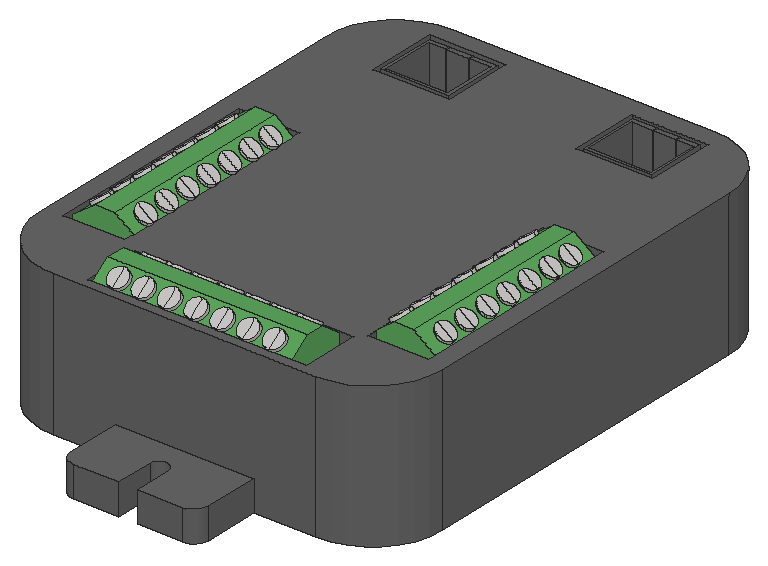
Revit family "PH", category Communication Devices, host Face, Revit 2014
Parameters
  Yellow = Metal-Hubbell-Galvanized_Steel
  Warranty = "5-Years Warranty"  # constant formula
  Type Comments = "PowerHUBB™ Nodes"  # constant formula
  Red = Paint - Hubbell - Red
  Product Page URL = "https://www.hubbell.com/hubbellcontrolsolutions/en/Products/Lighting-Controls/Lighting-Controls-Sensors/PowerHUBB-PoE-Lighting-Control/PowerHUBB-Nodes/p/2649898"
  Product Documentation Link = "https://hubbellcdn.com/specsheet/HCS_PHM4PC_EM_Node_SPEC.pdf"
  URL = "https://www.hubbell.com/hubbellcontrolsolutions/en"
  Model = "PowerHUBB Nodes"  # constant formula
  Manufacturer = "Hubbell Control Solutions"  # constant formula
  Green = Plastic, Gray
  Feartures = "• Replaces standard electronic AC driver in luminaire\r\n• Capable of Tunable White utilizing a 2-channel LED Board\r\n• Programmed for optimized performance of LED\r\n• Bi-directional communication\r\n• Node is discovered immediately by Gateway software\r\n• Low voltage inputs for control devices\r\n• Provides dimming function down to 1%\r\n• Direct connection to PSE device (PoE switch or midspan)\r\n• DHCP-enabled\r\n• Suitable for indoor applications\r\n• Class 2 electrical device\r\n• Plenum Rated\r\n• UL924 listed\r\n• Made in the USA"  # constant formula
  Description = "The Hubbell Control Solutions' (HCS) PowerHUBB nodes provide power distribution architecture and data connectivity to create a fully functioning Power over Ethernet (PoE) lighting control system. The PowerHUBB nodes implement a simplistic solution to controls by replacing the driver component and distributing direct control to the luminaire, achieving optimized power consumption.Programming is performed using the Gateway software, which communicates bi-directionally over a CAT5e/6 Cable that connects directly to the PowerHUBB node. Master Nodes receive data and power from the PoE network switch. These nodes then pass along the power and data downstream to any daisy-chained Satellite node(s). Connected nodes/luminaires are automatically discovered by the Gateway, expediting commissioning and administering immediate feedback. Each Master node is DHCP-enabled and will automatically receive an IP address from the local network to simplify installation and setup."  # constant formula
  Default Elevation = 48.00"
  Copyright = "Copyright © 2021 Hubbell Control Solutions"  # constant formula
  Contact Us = "https://www.hubbell.com/hubbellcontrolsolutions/en/contactUs"
  Housing Material = Paint - Hubbell - Carbon Black
  Certifications = "UL: E48166\r\n2.4GHz Version - FCC: U.S. FCC Part 15.247 Class A: OUR-XBEE / OUR-XBEE PRO, Canada IC: 4214A-XBEE / 4214A-XBEE\r\nPRO, Europe CE: ETSI / ETSI\r\n900MHz Version - FCC: U.S. FCC Part 15.247 Class A: MCQ-XB900HP\r\nUL94V-0 Flame retardant ABS or epoxy molding"
  Assembly Code = "D5090"
Reference planes (in)
  plane 1 "Center (Front/Back)": y = 11.68155
  plane 2: z = 0
  plane 3 "Center (Left/Right)": x = 0
  plane 4: z = 3.72
  plane 5: y = 13.95155
  plane 6: y = 9.41155
  plane 7: x = 1.43
  plane 8: x = -1.43
  plane 9: y = 13.45155
  plane 10: y = 9.91155
Forms (in)
  Extrusion 1, solid, material "Paint - Hubbell - Carbon Black" <- "Housing Material"
    sketch origin (0, 0, 0) x (1, 0, 0) y (0, 1, 0)
      loop
        arc (-0.93, 13.45155) -> (-1.28355, 13.30511) -> (-1.43, 12.95155) r 0.5
        line (-1.43, 12.95155) -> (-1.43, 10.41155)
        arc (-1.43, 10.41155) -> (-1.28355, 10.058) -> (-0.93, 9.91155) r 0.5
        line (-0.93, 9.91155) -> (0.93, 9.91155)
        arc (0.93, 9.91155) -> (1.28355, 10.058) -> (1.43, 10.41155) r 0.5
        line (1.43, 10.41155) -> (1.43, 12.95155)
        arc (1.43, 12.95155) -> (1.28355, 13.30511) -> (0.93, 13.45155) r 0.5
        line (0.93, 13.45155) -> (-0.93, 13.45155)
    from 0 to 1.0217
  Extrusion 2, solid, material "Paint - Hubbell - Carbon Black" <- "Housing Material"
    sketch origin (0, 0, 0) x (1, 0, 0) y (0, 1, 0)
      loop
        line (-0.48744, 9.91155) -> (-0.48744, 9.51155)
        arc (-0.48744, 9.51155) -> (-0.45815, 9.44084) -> (-0.38744, 9.41155) r 0.1
        line (-0.38744, 9.41155) -> (-0.06674, 9.41155) -> (-0.06674, 9.68298)
        arc (-0.06674, 9.68298) -> (0, 9.74971) -> (0.06674, 9.68298) r 0.06674
        line (0.06674, 9.68298) -> (0.06674, 9.41155) -> (0.38744, 9.41155)
        arc (0.38744, 9.41155) -> (0.45815, 9.44084) -> (0.48744, 9.51155) r 0.1
        line (0.48744, 9.51155) -> (0.48744, 9.91155) -> (0, 9.91155) -> (-0.48744, 9.91155)
      loop
        line (-0.48744, 13.45155) -> (0, 13.45155) -> (0.48744, 13.45155) -> (0.48744, 13.85155)
        arc (0.48744, 13.85155) -> (0.45815, 13.92227) -> (0.38744, 13.95155) r 0.1
        line (0.38744, 13.95155) -> (0, 13.95155) -> (-0.38744, 13.95155)
        arc (-0.38744, 13.95155) -> (-0.45815, 13.92227) -> (-0.48744, 13.85155) r 0.1
        line (-0.48744, 13.85155) -> (-0.48744, 13.45155)
      loop
        circle (0, 13.68747) r 0.0716
    from 0 to 0.21861
  Extrusion 3, void
    sketch origin (0, 0, 0) x (1, 0, 0) y (0, 1, 0)
      loop
        line (-0.99162, 13.32111) -> (-0.99162, 12.82111) -> (-0.44568, 12.82111) -> (-0.44568, 13.32111) -> (-0.99162, 13.32111)
      loop
        line (0.99162, 13.32111) -> (0.44568, 13.32111) -> (0.44568, 12.82111) -> (0.99162, 12.82111) -> (0.99162, 13.32111)
      loop
        line (-0.74054, 9.97499) -> (0.81591, 9.97499) -> (0.81591, 10.39517) -> (-0.74054, 10.39517) -> (-0.74054, 9.97499)
      loop
        line (-0.8616, 10.45373) -> (-0.8616, 12.01018) -> (-1.29741, 12.01018) -> (-1.29741, 10.45373) -> (-0.8616, 10.45373)
      loop
        line (0.8616, 10.45373) -> (1.29741, 10.45373) -> (1.29741, 12.01018) -> (0.8616, 12.01018) -> (0.8616, 10.45373)
    from 0.65985 to 1.1405
  Extrusion 4, solid, material "Paint - Hubbell - Carbon Black" <- "Housing Material"
    sketch origin (0, 0, 0) x (1, 0, 0) y (0, 1, 0)
      loop
        line (-0.95936, 12.85224) -> (-0.47836, 12.85224) -> (-0.47836, 13.28464) -> (-0.64935, 13.28464) -> (-0.64935, 13.25097) -> (-0.49836, 13.25097) -> (-0.49836, 12.87224) -> (-0.93936, 12.87224) -> (-0.93936, 13.25097) -> (-0.82122, 13.25097) -> (-0.82122, 13.28464) -> (-0.95936, 13.28464) -> (-0.95936, 12.85224)
      loop
        line (-0.81255, 13.25097) -> (-0.65703, 13.25097) -> (-0.65703, 13.28464) -> (-0.81255, 13.28464) -> (-0.81255, 13.25097)
      loop
        line (0.95936, 12.85224) -> (0.95936, 13.28464) -> (0.82122, 13.28464) -> (0.82122, 13.25097) -> (0.93936, 13.25097) -> (0.93936, 12.87224) -> (0.49836, 12.87224) -> (0.49836, 13.25097) -> (0.64935, 13.25097) -> (0.64935, 13.28464) -> (0.47836, 13.28464) -> (0.47836, 12.85224) -> (0.95936, 12.85224)
      loop
        line (0.81255, 13.25097) -> (0.81255, 13.28464) -> (0.65703, 13.28464) -> (0.65703, 13.25097) -> (0.81255, 13.25097)
    from 0.65985 to 1.0217
  Extrusion 5, solid, material "Plastic, Gray" <- "Green"
    sketch origin (-0.07812, 11.68155, 0.07031) x (1, 0, 0) y (0, 0, 1)
      loop
        line (-0.74665, 0.92346) -> (-0.91652, 1.04687) -> (-1.05107, 1.04687) -> (-1.22094, 0.92346) -> (-1.22094, 0.58954) -> (-0.74665, 0.58954) -> (-0.74665, 0.92346)
    from -0.26745 to 1.15013
  Revolve 6, solid, material "Metal-Hubbell-Galvanized_Steel" <- "Yellow"
    sketch origin (0.00781, 11.80441, -0.04297) x (1, 0, 0) y (0, 0, 1)
      loop
        line (-1.21413, 1.08673) -> (-1.15698, 1.12825) -> (-1.1752, 1.15333) -> (-1.23235, 1.11181) -> (-1.21413, 1.08673)
      axis (-1.21413, 1.08673) -> (-1.23727, 1.11858)
    angle from 0 to 360
  Revolve 7, solid, material "Metal-Hubbell-Galvanized_Steel" <- "Yellow"
    sketch origin (-2.13555, 11.80441, -0.03711) x (-1, 0, 0) y (0, 0, -1)
      loop
        line (-1.21413, -1.08673) -> (-1.23235, -1.11181) -> (-1.1752, -1.15333) -> (-1.15698, -1.12825) -> (-1.21413, -1.08673)
      axis (-1.21413, -1.08673) -> (-1.23727, -1.11858)
    angle from 0 to 360
  Revolve 8, solid, material "Metal-Hubbell-Galvanized_Steel" <- "Yellow"
    sketch origin (0.00781, 11.62877, -0.04297) x (1, 0, 0) y (0, 0, 1)
      loop
        line (-1.21413, 1.08673) -> (-1.15698, 1.12825) -> (-1.1752, 1.15333) -> (-1.23235, 1.11181) -> (-1.21413, 1.08673)
      axis (-1.21413, 1.08673) -> (-1.23727, 1.11858)
    angle from 0 to 360
  Revolve 9, solid, material "Metal-Hubbell-Galvanized_Steel" <- "Yellow"
    sketch origin (-2.13555, 11.62877, -0.03711) x (-1, 0, 0) y (0, 0, -1)
      loop
        line (-1.21413, -1.08673) -> (-1.23235, -1.11181) -> (-1.1752, -1.15333) -> (-1.15698, -1.12825) -> (-1.21413, -1.08673)
      axis (-1.21413, -1.08673) -> (-1.23727, -1.11858)
    angle from 0 to 360
  Revolve 10, solid, material "Metal-Hubbell-Galvanized_Steel" <- "Yellow"
    sketch origin (0.00781, 11.44188, -0.04297) x (1, 0, 0) y (0, 0, 1)
      loop
        line (-1.21413, 1.08673) -> (-1.15698, 1.12825) -> (-1.1752, 1.15333) -> (-1.23235, 1.11181) -> (-1.21413, 1.08673)
      axis (-1.21413, 1.08673) -> (-1.23727, 1.11858)
    angle from 0 to 360
  Revolve 11, solid, material "Metal-Hubbell-Galvanized_Steel" <- "Yellow"
    sketch origin (-2.13555, 11.44188, -0.03711) x (-1, 0, 0) y (0, 0, -1)
      loop
        line (-1.21413, -1.08673) -> (-1.23235, -1.11181) -> (-1.1752, -1.15333) -> (-1.15698, -1.12825) -> (-1.21413, -1.08673)
      axis (-1.21413, -1.08673) -> (-1.23727, -1.11858)
    angle from 0 to 360
  Revolve 12, solid, material "Metal-Hubbell-Galvanized_Steel" <- "Yellow"
    sketch origin (0.00781, 11.25277, -0.04297) x (1, 0, 0) y (0, 0, 1)
      loop
        line (-1.21413, 1.08673) -> (-1.15698, 1.12825) -> (-1.1752, 1.15333) -> (-1.23235, 1.11181) -> (-1.21413, 1.08673)
      axis (-1.21413, 1.08673) -> (-1.23727, 1.11858)
    angle from 0 to 360
  Revolve 13, solid, material "Metal-Hubbell-Galvanized_Steel" <- "Yellow"
    sketch origin (-2.13555, 11.25277, -0.03711) x (-1, 0, 0) y (0, 0, -1)
      loop
        line (-1.21413, -1.08673) -> (-1.23235, -1.11181) -> (-1.1752, -1.15333) -> (-1.15698, -1.12825) -> (-1.21413, -1.08673)
      axis (-1.21413, -1.08673) -> (-1.23727, -1.11858)
    angle from 0 to 360
  Revolve 14, solid, material "Metal-Hubbell-Galvanized_Steel" <- "Yellow"
    sketch origin (0.00781, 11.06811, -0.04297) x (1, 0, 0) y (0, 0, 1)
      loop
        line (-1.21413, 1.08673) -> (-1.15698, 1.12825) -> (-1.1752, 1.15333) -> (-1.23235, 1.11181) -> (-1.21413, 1.08673)
      axis (-1.21413, 1.08673) -> (-1.23727, 1.11858)
    angle from 0 to 360
  Revolve 15, solid, material "Metal-Hubbell-Galvanized_Steel" <- "Yellow"
    sketch origin (-2.13555, 11.06811, -0.03711) x (-1, 0, 0) y (0, 0, -1)
      loop
        line (-1.21413, -1.08673) -> (-1.23235, -1.11181) -> (-1.1752, -1.15333) -> (-1.15698, -1.12825) -> (-1.21413, -1.08673)
      axis (-1.21413, -1.08673) -> (-1.23727, -1.11858)
    angle from 0 to 360
  Revolve 16, solid, material "Metal-Hubbell-Galvanized_Steel" <- "Yellow"
    sketch origin (0.00781, 10.88122, -0.04297) x (1, 0, 0) y (0, 0, 1)
      loop
        line (-1.21413, 1.08673) -> (-1.15698, 1.12825) -> (-1.1752, 1.15333) -> (-1.23235, 1.11181) -> (-1.21413, 1.08673)
      axis (-1.21413, 1.08673) -> (-1.23727, 1.11858)
    angle from 0 to 360
  Revolve 17, solid, material "Metal-Hubbell-Galvanized_Steel" <- "Yellow"
    sketch origin (-2.13555, 10.88122, -0.03711) x (-1, 0, 0) y (0, 0, -1)
      loop
        line (-1.21413, -1.08673) -> (-1.23235, -1.11181) -> (-1.1752, -1.15333) -> (-1.15698, -1.12825) -> (-1.21413, -1.08673)
      axis (-1.21413, -1.08673) -> (-1.23727, -1.11858)
    angle from 0 to 360
  Revolve 18, solid, material "Metal-Hubbell-Galvanized_Steel" <- "Yellow"
    sketch origin (0.00781, 10.69656, -0.04297) x (1, 0, 0) y (0, 0, 1)
      loop
        line (-1.21413, 1.08673) -> (-1.15698, 1.12825) -> (-1.1752, 1.15333) -> (-1.23235, 1.11181) -> (-1.21413, 1.08673)
      axis (-1.21413, 1.08673) -> (-1.23727, 1.11858)
    angle from 0 to 360
  Revolve 19, solid, material "Metal-Hubbell-Galvanized_Steel" <- "Yellow"
    sketch origin (-2.13555, 10.69656, -0.03711) x (-1, 0, 0) y (0, 0, -1)
      loop
        line (-1.21413, -1.08673) -> (-1.23235, -1.11181) -> (-1.1752, -1.15333) -> (-1.15698, -1.12825) -> (-1.21413, -1.08673)
      axis (-1.21413, -1.08673) -> (-1.23727, -1.11858)
    angle from 0 to 360
  Extrusion 20, solid, material "Plastic, Gray" <- "Green"
    sketch origin (0.07813, 11.68155, 0.07031) x (-1, 0, 0) y (0, 0, -1)
      loop
        line (-0.74665, -0.92346) -> (-0.74665, -0.58954) -> (-1.22094, -0.58954) -> (-1.22094, -0.92346) -> (-1.05107, -1.04687) -> (-0.91652, -1.04687) -> (-0.74665, -0.92346)
    from -0.26745 to 1.15013
  Revolve 21, solid, material "Metal-Hubbell-Galvanized_Steel" <- "Yellow"
    sketch origin (-0.00781, 11.80441, -0.04297) x (-1, 0, 0) y (0, 0, -1)
      loop
        line (-1.21413, -1.08673) -> (-1.23235, -1.11181) -> (-1.1752, -1.15333) -> (-1.15698, -1.12825) -> (-1.21413, -1.08673)
      axis (-1.21413, -1.08673) -> (-1.23727, -1.11858)
    angle from 0 to 360
  Revolve 22, solid, material "Metal-Hubbell-Galvanized_Steel" <- "Yellow"
    sketch origin (2.13555, 11.80441, -0.03711) x (1, 0, 0) y (0, 0, 1)
      loop
        line (-1.21413, 1.08673) -> (-1.15698, 1.12825) -> (-1.1752, 1.15333) -> (-1.23235, 1.11181) -> (-1.21413, 1.08673)
      axis (-1.21413, 1.08673) -> (-1.23727, 1.11858)
    angle from 0 to 360
  Revolve 23, solid, material "Metal-Hubbell-Galvanized_Steel" <- "Yellow"
    sketch origin (-0.00781, 11.62877, -0.04297) x (-1, 0, 0) y (0, 0, -1)
      loop
        line (-1.21413, -1.08673) -> (-1.23235, -1.11181) -> (-1.1752, -1.15333) -> (-1.15698, -1.12825) -> (-1.21413, -1.08673)
      axis (-1.21413, -1.08673) -> (-1.23727, -1.11858)
    angle from 0 to 360
  Revolve 24, solid, material "Metal-Hubbell-Galvanized_Steel" <- "Yellow"
    sketch origin (2.13555, 11.62877, -0.03711) x (1, 0, 0) y (0, 0, 1)
      loop
        line (-1.21413, 1.08673) -> (-1.15698, 1.12825) -> (-1.1752, 1.15333) -> (-1.23235, 1.11181) -> (-1.21413, 1.08673)
      axis (-1.21413, 1.08673) -> (-1.23727, 1.11858)
    angle from 0 to 360
  Revolve 25, solid, material "Metal-Hubbell-Galvanized_Steel" <- "Yellow"
    sketch origin (-0.00781, 11.44188, -0.04297) x (-1, 0, 0) y (0, 0, -1)
      loop
        line (-1.21413, -1.08673) -> (-1.23235, -1.11181) -> (-1.1752, -1.15333) -> (-1.15698, -1.12825) -> (-1.21413, -1.08673)
      axis (-1.21413, -1.08673) -> (-1.23727, -1.11858)
    angle from 0 to 360
  Revolve 26, solid, material "Metal-Hubbell-Galvanized_Steel" <- "Yellow"
    sketch origin (2.13555, 11.44188, -0.03711) x (1, 0, 0) y (0, 0, 1)
      loop
        line (-1.21413, 1.08673) -> (-1.15698, 1.12825) -> (-1.1752, 1.15333) -> (-1.23235, 1.11181) -> (-1.21413, 1.08673)
      axis (-1.21413, 1.08673) -> (-1.23727, 1.11858)
    angle from 0 to 360
  Revolve 27, solid, material "Metal-Hubbell-Galvanized_Steel" <- "Yellow"
    sketch origin (-0.00781, 11.25277, -0.04297) x (-1, 0, 0) y (0, 0, -1)
      loop
        line (-1.21413, -1.08673) -> (-1.23235, -1.11181) -> (-1.1752, -1.15333) -> (-1.15698, -1.12825) -> (-1.21413, -1.08673)
      axis (-1.21413, -1.08673) -> (-1.23727, -1.11858)
    angle from 0 to 360
  Revolve 28, solid, material "Metal-Hubbell-Galvanized_Steel" <- "Yellow"
    sketch origin (2.13555, 11.25277, -0.03711) x (1, 0, 0) y (0, 0, 1)
      loop
        line (-1.21413, 1.08673) -> (-1.15698, 1.12825) -> (-1.1752, 1.15333) -> (-1.23235, 1.11181) -> (-1.21413, 1.08673)
      axis (-1.21413, 1.08673) -> (-1.23727, 1.11858)
    angle from 0 to 360
  Revolve 29, solid, material "Metal-Hubbell-Galvanized_Steel" <- "Yellow"
    sketch origin (-0.00781, 11.06811, -0.04297) x (-1, 0, 0) y (0, 0, -1)
      loop
        line (-1.21413, -1.08673) -> (-1.23235, -1.11181) -> (-1.1752, -1.15333) -> (-1.15698, -1.12825) -> (-1.21413, -1.08673)
      axis (-1.21413, -1.08673) -> (-1.23727, -1.11858)
    angle from 0 to 360
  Revolve 30, solid, material "Metal-Hubbell-Galvanized_Steel" <- "Yellow"
    sketch origin (2.13555, 11.06811, -0.03711) x (1, 0, 0) y (0, 0, 1)
      loop
        line (-1.21413, 1.08673) -> (-1.15698, 1.12825) -> (-1.1752, 1.15333) -> (-1.23235, 1.11181) -> (-1.21413, 1.08673)
      axis (-1.21413, 1.08673) -> (-1.23727, 1.11858)
    angle from 0 to 360
  Revolve 31, solid, material "Metal-Hubbell-Galvanized_Steel" <- "Yellow"
    sketch origin (-0.00781, 10.88122, -0.04297) x (-1, 0, 0) y (0, 0, -1)
      loop
        line (-1.21413, -1.08673) -> (-1.23235, -1.11181) -> (-1.1752, -1.15333) -> (-1.15698, -1.12825) -> (-1.21413, -1.08673)
      axis (-1.21413, -1.08673) -> (-1.23727, -1.11858)
    angle from 0 to 360
  Revolve 32, solid, material "Metal-Hubbell-Galvanized_Steel" <- "Yellow"
    sketch origin (2.13555, 10.88122, -0.03711) x (1, 0, 0) y (0, 0, 1)
      loop
        line (-1.21413, 1.08673) -> (-1.15698, 1.12825) -> (-1.1752, 1.15333) -> (-1.23235, 1.11181) -> (-1.21413, 1.08673)
      axis (-1.21413, 1.08673) -> (-1.23727, 1.11858)
    angle from 0 to 360
  Revolve 33, solid, material "Metal-Hubbell-Galvanized_Steel" <- "Yellow"
    sketch origin (-0.00781, 10.69656, -0.04297) x (-1, 0, 0) y (0, 0, -1)
      loop
        line (-1.21413, -1.08673) -> (-1.23235, -1.11181) -> (-1.1752, -1.15333) -> (-1.15698, -1.12825) -> (-1.21413, -1.08673)
      axis (-1.21413, -1.08673) -> (-1.23727, -1.11858)
    angle from 0 to 360
  Revolve 34, solid, material "Metal-Hubbell-Galvanized_Steel" <- "Yellow"
    sketch origin (2.13555, 10.69656, -0.03711) x (1, 0, 0) y (0, 0, 1)
      loop
        line (-1.21413, 1.08673) -> (-1.15698, 1.12825) -> (-1.1752, 1.15333) -> (-1.23235, 1.11181) -> (-1.21413, 1.08673)
      axis (-1.21413, 1.08673) -> (-1.23727, 1.11858)
    angle from 0 to 360
  Extrusion 35, solid, material "Plastic, Gray" <- "Green"
    sketch origin (-0.4416, 9.20152, 0.07031) x (0, -1, 0) y (0, 0, -1)
      loop
        line (-0.74665, -0.92346) -> (-0.74665, -0.58954) -> (-1.22094, -0.58954) -> (-1.22094, -0.92346) -> (-1.05107, -1.04687) -> (-0.91652, -1.04687) -> (-0.74665, -0.92346)
    from -0.26745 to 1.15013
  Revolve 36, solid, material "Metal-Hubbell-Galvanized_Steel" <- "Yellow"
    sketch origin (-0.56445, 9.11558, -0.04297) x (0, -1, 0) y (0, 0, -1)
      loop
        line (-1.21413, -1.08673) -> (-1.23235, -1.11181) -> (-1.1752, -1.15333) -> (-1.15698, -1.12825) -> (-1.21413, -1.08673)
      axis (-1.21413, -1.08673) -> (-1.23727, -1.11858)
    angle from 0 to 360
  Revolve 37, solid, material "Metal-Hubbell-Galvanized_Steel" <- "Yellow"
    sketch origin (-0.56445, 11.25894, -0.03711) x (0, 1, 0) y (0, 0, 1)
      loop
        line (-1.21413, 1.08673) -> (-1.15698, 1.12825) -> (-1.1752, 1.15333) -> (-1.23235, 1.11181) -> (-1.21413, 1.08673)
      axis (-1.21413, 1.08673) -> (-1.23727, 1.11858)
    angle from 0 to 360
  Revolve 38, solid, material "Metal-Hubbell-Galvanized_Steel" <- "Yellow"
    sketch origin (-0.38881, 9.11558, -0.04297) x (0, -1, 0) y (0, 0, -1)
      loop
        line (-1.21413, -1.08673) -> (-1.23235, -1.11181) -> (-1.1752, -1.15333) -> (-1.15698, -1.12825) -> (-1.21413, -1.08673)
      axis (-1.21413, -1.08673) -> (-1.23727, -1.11858)
    angle from 0 to 360
  Revolve 39, solid, material "Metal-Hubbell-Galvanized_Steel" <- "Yellow"
    sketch origin (-0.38881, 11.25894, -0.03711) x (0, 1, 0) y (0, 0, 1)
      loop
        line (-1.21413, 1.08673) -> (-1.15698, 1.12825) -> (-1.1752, 1.15333) -> (-1.23235, 1.11181) -> (-1.21413, 1.08673)
      axis (-1.21413, 1.08673) -> (-1.23727, 1.11858)
    angle from 0 to 360
  Revolve 40, solid, material "Metal-Hubbell-Galvanized_Steel" <- "Yellow"
    sketch origin (-0.20192, 9.11558, -0.04297) x (0, -1, 0) y (0, 0, -1)
      loop
        line (-1.21413, -1.08673) -> (-1.23235, -1.11181) -> (-1.1752, -1.15333) -> (-1.15698, -1.12825) -> (-1.21413, -1.08673)
      axis (-1.21413, -1.08673) -> (-1.23727, -1.11858)
    angle from 0 to 360
  Revolve 41, solid, material "Metal-Hubbell-Galvanized_Steel" <- "Yellow"
    sketch origin (-0.20192, 11.25894, -0.03711) x (0, 1, 0) y (0, 0, 1)
      loop
        line (-1.21413, 1.08673) -> (-1.15698, 1.12825) -> (-1.1752, 1.15333) -> (-1.23235, 1.11181) -> (-1.21413, 1.08673)
      axis (-1.21413, 1.08673) -> (-1.23727, 1.11858)
    angle from 0 to 360
  Revolve 42, solid, material "Metal-Hubbell-Galvanized_Steel" <- "Yellow"
    sketch origin (-0.01281, 9.11558, -0.04297) x (0, -1, 0) y (0, 0, -1)
      loop
        line (-1.21413, -1.08673) -> (-1.23235, -1.11181) -> (-1.1752, -1.15333) -> (-1.15698, -1.12825) -> (-1.21413, -1.08673)
      axis (-1.21413, -1.08673) -> (-1.23727, -1.11858)
    angle from 0 to 360
  Revolve 43, solid, material "Metal-Hubbell-Galvanized_Steel" <- "Yellow"
    sketch origin (-0.01281, 11.25894, -0.03711) x (0, 1, 0) y (0, 0, 1)
      loop
        line (-1.21413, 1.08673) -> (-1.15698, 1.12825) -> (-1.1752, 1.15333) -> (-1.23235, 1.11181) -> (-1.21413, 1.08673)
      axis (-1.21413, 1.08673) -> (-1.23727, 1.11858)
    angle from 0 to 360
  Revolve 44, solid, material "Metal-Hubbell-Galvanized_Steel" <- "Yellow"
    sketch origin (0.17185, 9.11558, -0.04297) x (0, -1, 0) y (0, 0, -1)
      loop
        line (-1.21413, -1.08673) -> (-1.23235, -1.11181) -> (-1.1752, -1.15333) -> (-1.15698, -1.12825) -> (-1.21413, -1.08673)
      axis (-1.21413, -1.08673) -> (-1.23727, -1.11858)
    angle from 0 to 360
  Revolve 45, solid, material "Metal-Hubbell-Galvanized_Steel" <- "Yellow"
    sketch origin (0.17185, 11.25894, -0.03711) x (0, 1, 0) y (0, 0, 1)
      loop
        line (-1.21413, 1.08673) -> (-1.15698, 1.12825) -> (-1.1752, 1.15333) -> (-1.23235, 1.11181) -> (-1.21413, 1.08673)
      axis (-1.21413, 1.08673) -> (-1.23727, 1.11858)
    angle from 0 to 360
  Revolve 46, solid, material "Metal-Hubbell-Galvanized_Steel" <- "Yellow"
    sketch origin (0.35873, 9.11558, -0.04297) x (0, -1, 0) y (0, 0, -1)
      loop
        line (-1.21413, -1.08673) -> (-1.23235, -1.11181) -> (-1.1752, -1.15333) -> (-1.15698, -1.12825) -> (-1.21413, -1.08673)
      axis (-1.21413, -1.08673) -> (-1.23727, -1.11858)
    angle from 0 to 360
  Revolve 47, solid, material "Metal-Hubbell-Galvanized_Steel" <- "Yellow"
    sketch origin (0.35873, 11.25894, -0.03711) x (0, 1, 0) y (0, 0, 1)
      loop
        line (-1.21413, 1.08673) -> (-1.15698, 1.12825) -> (-1.1752, 1.15333) -> (-1.23235, 1.11181) -> (-1.21413, 1.08673)
      axis (-1.21413, 1.08673) -> (-1.23727, 1.11858)
    angle from 0 to 360
  Revolve 48, solid, material "Metal-Hubbell-Galvanized_Steel" <- "Yellow"
    sketch origin (0.54339, 9.11558, -0.04297) x (0, -1, 0) y (0, 0, -1)
      loop
        line (-1.21413, -1.08673) -> (-1.23235, -1.11181) -> (-1.1752, -1.15333) -> (-1.15698, -1.12825) -> (-1.21413, -1.08673)
      axis (-1.21413, -1.08673) -> (-1.23727, -1.11858)
    angle from 0 to 360
  Revolve 49, solid, material "Metal-Hubbell-Galvanized_Steel" <- "Yellow"
    sketch origin (0.54339, 11.25894, -0.03711) x (0, 1, 0) y (0, 0, 1)
      loop
        line (-1.21413, 1.08673) -> (-1.15698, 1.12825) -> (-1.1752, 1.15333) -> (-1.23235, 1.11181) -> (-1.21413, 1.08673)
      axis (-1.21413, 1.08673) -> (-1.23727, 1.11858)
    angle from 0 to 360
Cuts and joins
  Extrusion 3 cuts Extrusion 1
  Extrusion 3 cuts Extrusion 2
  joined: Extrusion 1, Extrusion 2
Dimensions and locks (in)
  plane 4 to plane 2 = 3.72"
  aligned and locked: plane 2 to host face
  aligned and locked: level to host face
Connectors (in)
  electrical at (0, 11.43087, 0)
    settings: on cut or joined group of Extrusion 1, Extrusion 2, Extrusion 3, index 1, voltage 0 V, apparent load 0 VA, apparent load phase1 0 VA, apparent load phase2 0 VA, apparent load phase3 0 VA, power factor 1, load classification "Other", number of poles 1, system type 13, power factor state 1, is connector primary yes, connector utility no, sub classification motor no, connector description ""
